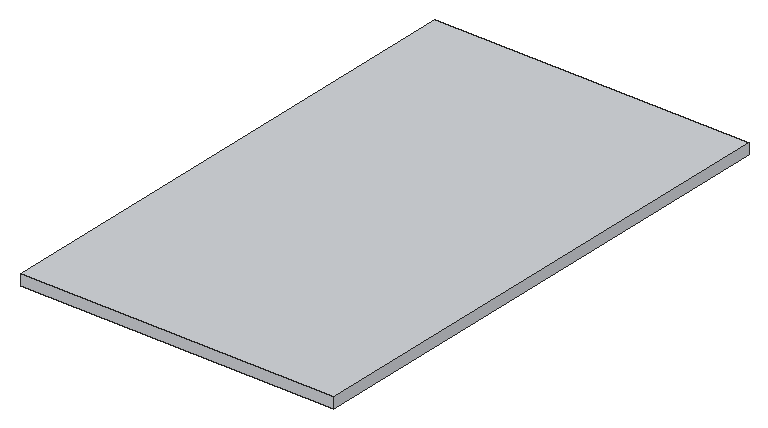
Revit family "3.VIRAJ 45 Recessed-L1200 v1 (1)", category Air Terminals, host Face, Revit 2020
Family settings
  Host = Face
  Round Connector Dimension = Use Diameter
  Part Type = Normal
  OmniClass Number = 23.75.70.21.27.11
  OmniClass Title = Diffusers, Registers, and Grilles
  Cut with Voids When Loaded = No
  Shared = No
  Room Calculation Point = No
Parameters (values of type "Standard")
  Width 5 = Diffuser Half Width + 32 mm  # 73.5 mm
  Width 4 = Diffuser Half Width / 4  # 10.375 mm
  Width 3 = Diffuser Half Width / 3  # 13.833 mm
  Width 2 = Diffuser Half Width / 2  # 20.75 mm
  Width 1 = Diffuser Width / 2 + 12.5 mm  # 54 mm
  Slot Width = 25 mm
  Slot Number = 2
  Radius = (Duct Height / 2) - 1.5 mm  # 73.5 mm
  Pressure Drop [instance] = 18.0 Pa
  Duct Height = 150 mm
  Duct Width = 200 mm
  Length 1 = Diffuser Length / 2 + 12.5 mm  # 622 mm
  Flow [instance] = 57.0 L/s
  Diffuser material = none
  Diffuser Half Length = Diffuser Length * 1 / 2  # 609.5 mm
  Diffuser Width = 83 mm
  Diffuser Length = 1219 mm
  Diffuser Half Width = Diffuser Width * 1 / 2  # 41.5 mm
  Default Elevation = 1200 mm
  Assembly Code = ""
  Slot Visibility 4 = Slot Number = 4  # no
  Slot Visibility 3 = Slot Number = 3  # no
  Slot Visibility 2 = Slot Number = 2  # yes
  Slot Visibility 1 = Slot Number = 1  # no
Reference planes
  plane 1 "Centre (Front/Back)": y = 0
  plane 2: z = 0
  plane 3 "Centre (Left/Right)": x = 0
  plane 4: y = -41.5
  plane 5: y = -54
  plane 6: y = 54
  plane 7: y = 41.5
  plane 8: x = -609.5
  plane 9: x = 622
  plane 10: x = 609.5
  plane 11: x = -622
  plane 12 "top surface": z = 3.175
  plane 13: z = -279.4
  plane 14: z = -234.95
  plane 15: z = -159.95
  plane 16: y = -73.5
  plane 17: y = 20.75
  plane 18: y = -20.75
  plane 19: y = 27.667
  plane 20: y = -27.667
  plane 21: y = 10.375
  plane 22: y = 31.125
  plane 23: y = -10.375
  plane 24: y = -31.125
  plane 25: z = -158.45
  plane 26: z = -161.45
  plane 27: z = -84.95
  plane 28: x = -100
  plane 29: x = 100
  plane 30: x = -26.5
  plane 31: x = 26.5
  plane 32: x = 591.322
Forms (mm)
  Extrusion 1, solid
    sketch origin (-322.134, 0, 0) x (1, 0, 0) y (0, 1, 0)
      loop
        line (-19.678, 1211.118) -> (-19.678, -1371.469) -> (1540.302, -1371.469) -> (1540.302, 1211.118) -> (-19.678, 1211.118)
    from -252.071 to -304.8
Lines and regions (mm)
  symbolic lines, visible <- "Slot Visibility 1", detail levels fine
    curve 1: line (-609.5, 0, 0) -> (609.5, 0, 0)
  symbolic lines, visible <- "Slot Visibility 3", detail levels fine
    curve 2: line (-609.5, 0, 0) -> (609.5, 0, 0)
    curve 7: line (-609.5, 27.667, 0) -> (609.5, 27.667, 0)
    curve 8: line (-609.5, -27.667, 0) -> (609.5, -27.667, 0)
  symbolic lines, visible <- "Slot Visibility 4", detail levels fine
    curve 3: line (-609.5, 10.375, 0) -> (609.5, 10.375, 0)
    curve 4: line (-609.5, -10.375, 0) -> (609.5, -10.375, 0)
    curve 9: line (-609.5, 31.125, 0) -> (609.5, 31.125, 0)
    curve 10: line (-609.5, -31.125, 0) -> (609.5, -31.125, 0)
  symbolic lines, visible <- "Slot Visibility 2", detail levels fine
    curve 5: line (-609.5, 20.75, 0) -> (609.5, 20.75, 0)
    curve 6: line (-609.5, -20.75, 0) -> (609.5, -20.75, 0)
  symbolic lines
    curve 11: line (-622, 54, 0) -> (622, 54, 0)
    curve 12: line (-622, -54, 0) -> (-622, 54, 0)
    curve 13: line (622, -54, 0) -> (-622, -54, 0)
    curve 14: line (622, 54, 0) -> (622, -54, 0)
  symbolic lines, detail levels fine
    curve 15: line (-609.5, 41.5, 0) -> (609.5, 41.5, 0)
    curve 16: line (-609.5, -41.5, 0) -> (-609.5, 41.5, 0)
    curve 17: line (609.5, -41.5, 0) -> (-609.5, -41.5, 0)
    curve 18: line (609.5, 41.5, 0) -> (609.5, -41.5, 0)
Dimensions and locks
  locked: level to plane 12 "top surface" at 3.175
  locked: level to plane 13 at 279.4
  locked: plane 14 to plane 13 at 44.45
  "Length 1": plane 3 "Centre (Left/Right)" to plane 9
  "Length 1": plane 11 to plane 3 "Centre (Left/Right)"
  "Width 1": plane 6 to plane 1 "Centre (Front/Back)"
  "Width 1": plane 5 to plane 1 "Centre (Front/Back)"
  "Diffuser Half Length": plane 8 to plane 3 "Centre (Left/Right)"
  "Diffuser Half Length": plane 3 "Centre (Left/Right)" to plane 10
  "Diffuser Half Width": plane 1 "Centre (Front/Back)" to plane 7
  "Diffuser Half Width": plane 4 to plane 1 "Centre (Front/Back)"
  "Width 2": plane 1 "Centre (Front/Back)" to plane 17
  "Width 2": plane 18 to plane 1 "Centre (Front/Back)"
  "Width 3": plane 19 to plane 7
  "Width 3": plane 20 to plane 4
  "Width 4": plane 21 to plane 1 "Centre (Front/Back)"
  "Width 4": plane 22 to plane 7
  "Width 4": plane 23 to plane 1 "Centre (Front/Back)"
  "Width 4": plane 24 to plane 4
  "Width 5": plane 16 to plane 1 "Centre (Front/Back)"
  plane 25 to plane 26 = 3 mm
  equal spacing: plane 25, plane 15, plane 26
  "Duct Height": plane 27 to plane 14
  equal spacing: plane 27, plane 15, plane 14
  "Duct Width": plane 29 to plane 28
  equal spacing: plane 29, plane 3 "Centre (Left/Right)", plane 28
  "Radius": plane 30 to plane 28
  "Radius": plane 29 to plane 31
Automatic sketch dimensions
  curve 11 to plane 6 = 0 mm
  curve 11 to plane 11 = 0 mm
  curve 3 to plane 8 = 0 mm
  curve 9 to plane 10 = 0 mm
  plane 5 to curve 13 = 0 mm
  curve 13 to plane 9 = 0 mm
  curve 16 to plane 4 = 0 mm
  plane 24 to curve 10 = 0 mm
  curve 8 to plane 20 = 0 mm
  plane 18 to curve 6 = 0 mm
  plane 23 to curve 4 = 0 mm
  plane 1 "Centre (Front/Back)" to curve 2 = 0 mm
  plane 1 "Centre (Front/Back)" to curve 1 = 0 mm
  curve 3 to plane 21 = 0 mm
  plane 17 to curve 5 = 0 mm
  curve 7 to plane 19 = 0 mm
  curve 9 to plane 22 = 0 mm
  plane 7 to curve 15 = 0 mm
  Extrusion 1 sketch curve to Extrusion 1 sketch curve = 1559.98 mm
  Extrusion 1 sketch curve to Extrusion 1 sketch curve = 2582.587 mm
